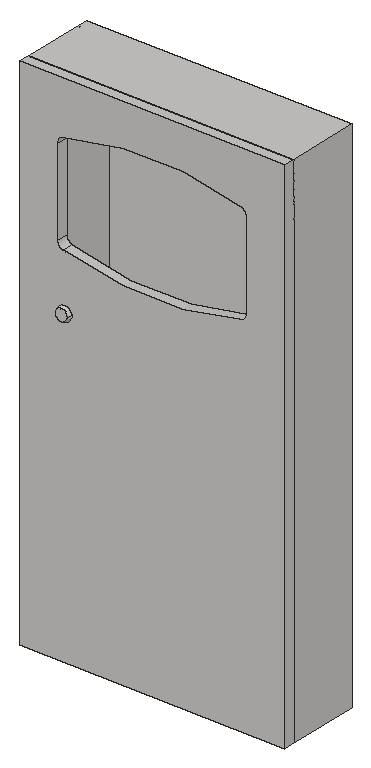
Revit family "Waste_Metlam_Surface Mounted_9L", category Specialty Equipment, Revit 2016
Family settings
  Part Type = Normal
  Round Connector Dimension = Use Diameter
  OmniClass Number = 23.40.20.21.17
  OmniClass Title = Paper Towel Dispensers, Disposal Units
  Work Plane-Based = No
  Always vertical = Yes
  Cut with Voids When Loaded = No
  Shared = No
  Room Calculation Point = Yes
Parameters (values of type "365w x 115d x 720h (ML710R_SM_MK2)")
  URL = "http://www.metlam.com.au/"
  Type Comments = "Waste Receptacles"  # constant formula
  Model = "ML710R_SM_MK2"
  Material_ANZRS = z_Metlam_Metal_Stainless Steel_Satin
  Manufacturer_URL__Product Specific = "https://metlam.com.au/product/content/paper-towel-dispenser-comb-units/ML710R_SM_MK2"
  Manufacturer_Spec Code = Model  # "ML710R_SM_MK2"
  Manufacturer_Overall Width = 365 mm  # constant formula
  Manufacturer_Overall Height = 720 mm  # constant formula
  Manufacturer_Overall Depth = 115 mm  # constant formula
  Manufacturer_Height From FFL [instance] = 930 mm
  Manufacturer = "Metlam"  # constant formula
  Description = "Waste Receptacle - Surface Mounted"
  CreatedBy_ANZRS = "IGS BIM Solutions"  # constant formula
  CreatedByURL_ANZRS = "http://www.igsgroup.com.au/"
  Assembly Code = ""
Reference planes
  plane 1 "Back": y = 0
  plane 2 "Ref. Level": z = 0
  plane 3 "Center (Left/Right)": x = 0
  plane 4 "Left": x = -182.5
  plane 5 "Right": x = 182.5
  plane 6 "Front Panel_Back": y = -100
  plane 7 "Front": y = -115
  plane 8 "Top": z = 1650
  plane 9 "Bottom": z = 930
Forms (mm)
  Extrusion 1, solid, material "z_Metlam_Metal_Stainless Steel_Satin" <- "Material_ANZRS"
    sketch origin (0, 0, 1324.9) x (1, 0, 0) y (0, 0, 1)
      loop
        line (-152.5, -367.4) -> (152.5, -367.4) -> (152.5, 297.6) -> (-152.5, 297.6) -> (-152.5, -367.4)
      loop
        line (-150.5, -365.4) -> (150.5, -365.4) -> (150.5, 295.6) -> (-150.5, 295.6) -> (-150.5, -365.4)
    from 0 to 100
  Extrusion 2, solid, material "z_Metlam_Metal_Stainless Steel_Satin" <- "Material_ANZRS"
    sketch origin (0, 0, 1324.9) x (1, 0, 0) y (0, 0, 1)
      loop
        line (-152.5, -367.4) -> (152.5, -367.4) -> (152.5, 297.6) -> (-152.5, 297.6) -> (-152.5, -367.4)
    from 0 to 2
  Extrusion 3, solid, material "z_Metlam_Metal_Stainless Steel_Satin" <- "Material_ANZRS"
    sketch origin (0, 0, 1324.9) x (1, 0, 0) y (0, 0, 1)
      loop
        line (182.5, 325.1) -> (-182.5, 325.1) -> (-182.5, -394.9) -> (182.5, -394.9) -> (182.5, 325.1)
      loop
        arc (-122.84, 252.289) -> (-128.013, 248.684) -> (-130, 242.701) r 10
        line (-130, 242.701) -> (-130, 122.5)
        arc (-130, 122.5) -> (-128.013, 116.517) -> (-122.84, 112.912) r 10
        arc (-122.84, 112.912) -> (0, 95.1) -> (122.84, 112.912) r 432.5
        arc (122.84, 112.912) -> (128.013, 116.517) -> (130, 122.5) r 10
        line (130, 122.5) -> (130, 242.701)
        arc (130, 242.701) -> (128.013, 248.684) -> (122.84, 252.289) r 10
        arc (122.84, 252.289) -> (0, 270.1) -> (-122.84, 252.289) r 432.5
    from 100 to 115
  Blend 4, solid, material "z_Metlam_Metal_Stainless Steel_Satin" <- "Material_ANZRS", detail levels medium+fine
    base sketch origin (0, -112, 409.9) x (1, 0, 0) y (0, 0, 1)
      loop
        circle (-121.537, 950.198) r 10
    top sketch origin (0, -115, 409.9) x (1, 0, 0) y (0, 0, 1)
      loop
        circle (-121.537, 950.198) r 8
    from 3 to 4.649
  Extrusion 5, solid, material "z_Metlam_Metal_Stainless Steel_Satin" <- "Material_ANZRS"
    sketch origin (0, -115, 494.9) x (1, 0, 0) y (0, 0, 1)
      loop
        line (-182.5, 1155.1) -> (-182.5, 435.1) -> (182.5, 435.1) -> (182.5, 1155.1) -> (-182.5, 1155.1)
      loop
        line (180.5, 1153.1) -> (-180.5, 1153.1) -> (-180.5, 437.1) -> (180.5, 437.1) -> (180.5, 1153.1)
    from -115 to -15
  Extrusion 6, solid, material "z_Metlam_Metal_Stainless Steel_Satin" <- "Material_ANZRS"
    sketch origin (0, 0, 0) x (1, 0, 0) y (0, 0, 1)
      loop
        line (-182.5, 1650) -> (-182.5, 930) -> (182.5, 930) -> (182.5, 1650) -> (-182.5, 1650)
    from 0 to 2
Cuts and joins
  joined: Extrusion 1, Extrusion 2, Extrusion 5, Extrusion 6
Lines and regions (mm)
  Masking region 1
    outline origin (0, 0, 0) x (1, 0, 0) y (0, 1, 0)
      loop
        line (182.5, 0) -> (-182.5, 0) -> (-182.5, -115) -> (182.5, -115) -> (182.5, 0)
  symbolic lines, style "Bathroom Fixtures", detail levels medium+fine
    curve 1: line (-182.5, -100, 0) -> (182.5, -100, 0)
Text (mm)
  text "> Contact Manufacturer to confirm feasibility of design variations outside the scope of this Revit Family\n\n\n\nDisclaimer:\n\nDue to ongoing product development and manufacturing evolution, product details are subject to change without notice. Please refer to product technical data sheets on the manufacturer’s website for the most current product information. Please allow a +/- 5mm manufacturing tolerance for dimensions and set-outs shown in product literature." at (356.887, 54.58, 0), in view "Ref. Level_Instruction"
Dimensions and locks
  equal spacing: plane 4 "Left", plane 3 "Center (Left/Right)", plane 5 "Right"
  "Manufacturer_Overall Width": plane 4 "Left" to plane 5 "Right"
  "Manufacturer_Overall Depth": plane 7 "Front" to plane 1 "Back"
  "Manufacturer_Overall Height": plane 8 "Top" to plane 9 "Bottom"
  locked: Extrusion 3 to Extrusion 5 sketch curve at 2  (x3)
  locked: Extrusion 5 sketch curve to Extrusion 3 at 2
  "Manufacturer_Height From FFL": plane 9 "Bottom" to level
  locked: plane 7 "Front" to plane 6 "Front Panel_Back" at 15
  locked: Extrusion 1 sketch curve to Extrusion 1 sketch curve at 2  (x4)
  locked: Extrusion 1 sketch curve to Extrusion 1 sketch curve at 665
  locked: Extrusion 1 sketch curve to Extrusion 1 sketch curve at 305
  aligned and locked: plane 2 "Ref. Level" to level
  aligned and locked: Extrusion 3 sketch curve to plane 8 "Top"
  aligned and locked: plane 7 "Front" to Extrusion 3
  aligned and locked: Extrusion 3 to plane 6 "Front Panel_Back"
  aligned and locked: Extrusion 3 sketch curve to plane 9 "Bottom"
  aligned and locked: plane 8 "Top" to Extrusion 3  (x2)
  aligned and locked: Extrusion 3 to plane 4 "Left"
  aligned and locked: Extrusion 3 to plane 5 "Right"
  aligned and locked: Extrusion 3 to plane 9 "Bottom"  (x2)
  aligned and locked: plane 4 "Left" to Extrusion 3 sketch curve
  aligned and locked: plane 5 "Right" to Extrusion 3 sketch curve
  aligned and locked: Blend 4 to Extrusion 3
  aligned and locked: Masking region 1 sketch curve to Extrusion 3  (x2)
  aligned and locked: Extrusion 5 sketch curve to Extrusion 3  (x4)
  aligned and locked: Extrusion 5 to Extrusion 3
  aligned and locked: plane 8 "Top" to Extrusion 5
  aligned and locked: Extrusion 5 to plane 9 "Bottom"
  aligned and locked: curve 1 to Extrusion 5
Automatic sketch dimensions
  Extrusion 3 sketch curve to Extrusion 3 sketch curve = 7.16 mm  (x2)
  Extrusion 3 sketch curve to Extrusion 3 sketch curve = 0 mm  (x4)
  Extrusion 3 sketch curve to Extrusion 3 sketch curve = 10 mm  (x2)
  Extrusion 3 sketch curve to Extrusion 3 sketch curve = 2.84 mm  (x2)
  plane 8 "Top" to Extrusion 3 sketch curve = 202.5 mm
  Extrusion 3 sketch curve to plane 3 "Center (Left/Right)" = 0 mm  (x2)
  plane 6 "Front Panel_Back" to curve 1 = 0 mm
  curve 1 to plane 4 "Left" = 0 mm
  curve 1 to plane 5 "Right" = 0 mm
  plane 5 "Right" to Extrusion 3 sketch curve = 62.5 mm
  Extrusion 3 sketch curve to Extrusion 3 sketch curve = 52.5 mm
  plane 4 "Left" to Blend 4 sketch curve = 60.963 mm  (x2)
  plane 9 "Bottom" to Extrusion 3 sketch curve = 232.5 mm
  Blend 4 sketch curve to plane 8 "Top" = 289.903 mm  (x2)
  plane 4 "Left" to Extrusion 1 sketch curve = 30 mm
  plane 9 "Bottom" to Extrusion 1 sketch curve = 27.5 mm
  plane 4 "Left" to Extrusion 2 sketch curve = 30 mm
  plane 5 "Right" to Extrusion 2 sketch curve = 30 mm
  plane 9 "Bottom" to Extrusion 2 sketch curve = 27.5 mm
  Extrusion 2 sketch curve to plane 8 "Top" = 27.5 mm
  Extrusion 6 sketch curve to plane 4 "Left" = 0 mm
  plane 5 "Right" to Extrusion 6 sketch curve = 0 mm
  Extrusion 6 sketch curve to plane 9 "Bottom" = 0 mm
  Extrusion 6 sketch curve to plane 8 "Top" = 0 mm
  plane 7 "Front" to Masking region 1 sketch curve = 0 mm
  plane 1 "Back" to Masking region 1 sketch curve = 0 mm
  radius of Blend 4 sketch curve = 10 mm
  radius of Blend 4 sketch curve = 8 mm
